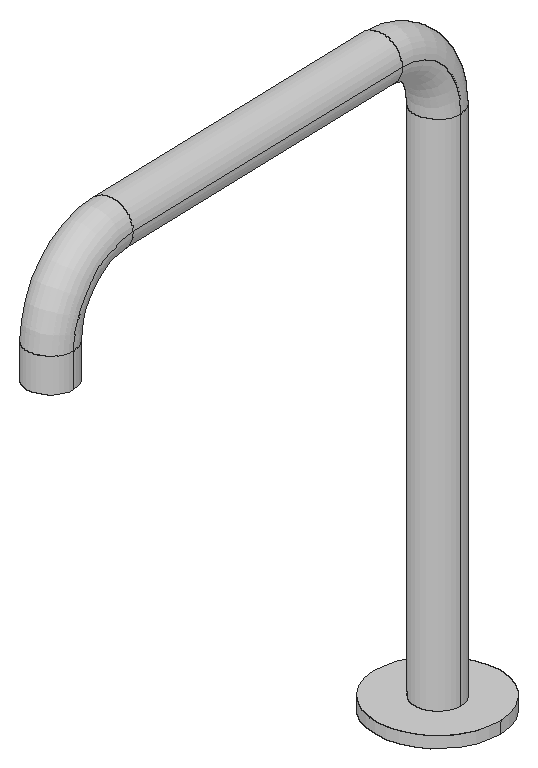
Revit family "Urbane II Hob Swivel Outlet 210mm", category Specialty Equipment, host Face, Revit 2019
Family settings
  Host = Face
  Round Connector Dimension = Use Radius
  Part Type = Normal
  OmniClass Number = 23.45.55.14
  OmniClass Title = Single Faucets
  Cut with Voids When Loaded = No
  Shared = No
  Room Calculation Point = No
Parameters (values of type "Urbane II Hob Swivel Outlet 210mm – Chrome")
  URL = "https://www.caroma.com.au/"
  Model = "99685C65A"
  Material_Base = GWA_Metal-Chrome
  Manufacturer = "GWA Bathrooms & Kitchens"  # constant formula
  Keynote = ""
  Description = "Urbane II Hob Swivel Outlet 210mm – Chrome"
  Default Elevation = 1000.00 mm
  CreatedBy_ANZRS = "GWA Bathrooms & Kitchens"  # constant formula
  Assembly Code = "C1030220"
Types (6, lengths in mm): name | Model | Material_Base | Description
  (no name) | "99685C65A" | GWA_Metal-Chrome | "Urbane II Hob Swivel Outlet 210mm – Chrome"
  Urbane II Hob Swivel Outlet 210mm – Chrome | "99685C65A" | GWA_Metal-Chrome | "Urbane II Hob Swivel Outlet 210mm – Chrome"
  Urbane II Hob Swivel Outlet 210mm – Matte Black | "99685B65A" | GWA-Metal-Black | "Urbane II Hob Swivel Outlet 210mm – Matte Black"
  Urbane II Hob Swivel Outlet 210mm – Brushed Brass | "99685BB65A" | GWA_Metal-Brushed-Brass | "Urbane II Hob Swivel Outlet 210mm – Brushed Brass"
  Urbane II Hob Swivel Outlet 210mm – Gunmetal | "99685GM65A" | GWA-Metal-Gunmetal Grey | "Urbane II Hob Swivel Outlet 210mm – Gunmetal"
  Urbane II Hob Swivel Outlet 210mm – Brushed Nickel | "99685BN65A" | GWA_Metal-Brushed-Nickel | "Urbane II Hob Swivel Outlet 210mm – Brushed Nickel"
Reference planes
  plane 1 "Center (Front/Back)": y = 0
  plane 2: z = 0
  plane 3 "Center (Left/Right)": x = 0
Forms (mm)
  Extrusion 1, solid, material "GWA_Metal-Chrome" <- "Material_Base"
    sketch origin (50, 0, 0) x (1, 0, 0) y (0, 1, 0)
      loop
        circle (-50, 0) r 27.5
      loop
        circle (-50, 0) r 10.5
    from 0 to 5
  Extrusion 2, void
    sketch origin (50, -60, 0) x (1, 0, 0) y (0, 1, 0)
      loop
        circle (-50, -150) r 9
    from 215 to 221
  Sweep 3, solid, material "GWA_Metal-Chrome" <- "Material_Base"
    path origin (0, 0, 0) x (0, 1, 0) y (0, 0, 1)
      loop
        line (0, 0) -> (0, 235)
        arc (0, 235) -> (-9.373, 257.627) -> (-32, 267) r 32
        line (-32, 267) -> (-178, 267)
        arc (-178, 267) -> (-200.627, 257.627) -> (-210, 235) r 32
        line (-210, 235) -> (-210, 220)
    profile origin (0, 0, 117.5) x (0, -1, 0) y (1, 0, 0)
      loop
        circle (0, 0) r 10.25
Cuts and joins
  Extrusion 2 cuts Sweep 3
Lines and regions (mm)
  Masking region 1
    outline origin (-50, 0, 0) x (0, 0, -1) y (0, -1, 0)
      loop
        line (-5, -10.25) -> (-5, -27.5) -> (0, -27.5) -> (0, 27.5) -> (-5, 27.5) -> (-5, 10.25) -> (-235, 10.25)
        arc (-235, 10.25) -> (-250.38, 16.62) -> (-256.75, 32) r 21.75
        line (-256.75, 32) -> (-256.75, 178)
        arc (-256.75, 178) -> (-250.38, 193.38) -> (-235, 199.75) r 21.75
        line (-235, 199.75) -> (-220, 199.75) -> (-220, 220.25) -> (-235, 220.25)
        arc (-235, 220.25) -> (-264.875, 207.875) -> (-277.25, 178) r 42.25
        line (-277.25, 178) -> (-277.25, 32)
        arc (-277.25, 32) -> (-264.875, 2.125) -> (-235, -10.25) r 42.25
        line (-235, -10.25) -> (-5, -10.25)
  Masking region 2
    outline origin (50, -45.5, 0) x (0, 0, -1) y (1, 0, 0)
      loop
        line (-5, -39.75) -> (-267, -39.75)
        arc (-267, -39.75) -> (-277.25, -50) -> (-267, -60.25) r 10.25
        line (-267, -60.25) -> (-5, -60.25) -> (-5, -77.5) -> (0, -77.5) -> (0, -22.5) -> (-5, -22.5) -> (-5, -39.75)
  Masking region 3
    outline origin (50, 0, 0) x (1, 0, 0) y (0, 1, 0)
      loop
        arc (-39.75, -25.518) -> (-50, 27.5) -> (-60.25, -25.518) r 27.5
        line (-60.25, -25.518) -> (-60.25, -210)
        arc (-60.25, -210) -> (-50, -220.25) -> (-39.75, -210) r 10.25
        line (-39.75, -210) -> (-39.75, -25.518)
  symbolic lines
    curve 1: line (-27.5, -45.5, 5) -> (27.5, -45.5, 5)
    curve 2: line (-27.5, -45.5, 0) -> (-27.5, -45.5, 5)
    curve 3: line (27.5, -45.5, 0) -> (-27.5, -45.5, 0)
    curve 4: line (27.5, -45.5, 5) -> (27.5, -45.5, 0)
    curve 5: arc (10.25, -25.518, 0) -> (0, 27.5, 0) -> (-10.25, -25.518, 0) r 27.5
    curve 7: line (-50, -32, 277.25) -> (-50, -178, 277.25)
    curve 8: line (-50, -32, 256.75) -> (-50, -178, 256.75)
    curve 9: arc (-50, -199.75, 235) -> (-50, -193.38, 250.38) -> (-50, -178, 256.75) r 21.75
    curve 10: arc (-50, -220.25, 235) -> (-50, -207.875, 264.875) -> (-50, -178, 277.25) r 42.25
    curve 11: line (-50, -220.25, 235) -> (-50, -220.25, 220)
    curve 12: line (-50, -199.75, 235) -> (-50, -199.75, 220)
    curve 13: line (-50, 10.25, 5) -> (-50, 10.25, 235)
    curve 14: line (-50, -10.25, 5) -> (-50, -10.25, 235)
    curve 15: line (-50, -220.25, 220) -> (-50, -199.75, 220)
    curve 16: arc (-50, -10.25, 235) -> (-50, -16.62, 250.38) -> (-50, -32, 256.75) r 21.75
    curve 17: arc (-50, 10.25, 235) -> (-50, -2.125, 264.875) -> (-50, -32, 277.25) r 42.25
    curve 18: arc (10.25, -45.5, 267) -> (0, -45.5, 277.25) -> (-10.25, -45.5, 267) r 10.25
    curve 19: line (10.25, -45.5, 267) -> (10.25, -45.5, 5)
    curve 20: line (-10.25, -45.5, 267) -> (-10.25, -45.5, 5)
    curve 21: line (10.25, -45.5, 220) -> (-10.25, -45.5, 220)
    curve 22: arc (10.25, 0, 0) -> (0, 10.25, 0) -> (-10.25, 0, 0) r 10.25
    curve 23: arc (-10.25, -210, 0) -> (0, -220.25, 0) -> (10.25, -210, 0) r 10.25
    curve 24: line (-10.25, -210, 0) -> (-10.25, 0, 0)
    curve 25: line (10.25, -210, 0) -> (10.25, 0, 0)
    curve 26: line (-50, -27.5, 5) -> (-50, 27.5, 5)
    curve 27: line (-50, -27.5, 0) -> (-50, -27.5, 5)
    curve 28: line (-50, 27.5, 0) -> (-50, -27.5, 0)
    curve 29: line (-50, 27.5, 5) -> (-50, 27.5, 0)
  symbolic lines, style "SpecialityEquipment"
    curve 6: arc (10.25, -2.278, 0) -> (0, 10.5, 0) -> (-10.25, -2.278, 0) r 10.5
Dimensions and locks
  aligned and locked: plane 2 to host face
  aligned and locked: level to host face
